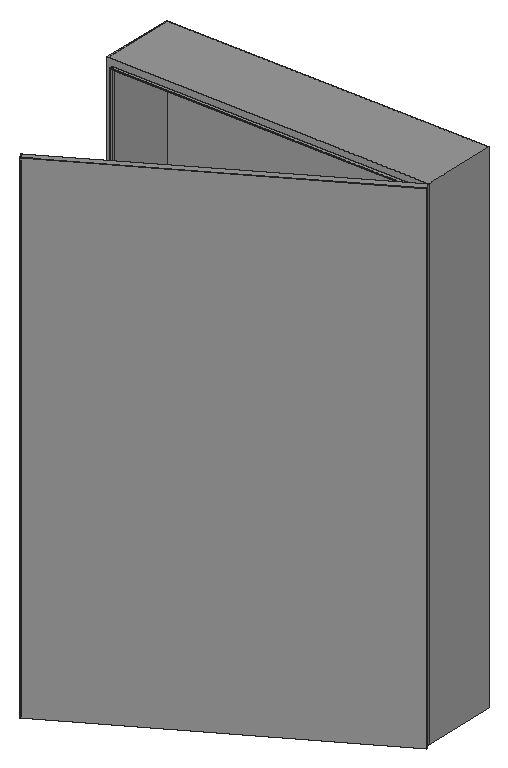
Revit family "Hager-Univers-IP44-D205-H1250-Cl.II-Encl-NoHosted-PT-pt", category Electrical Equipment, Revit 2020
Family settings
  Panel Configuration = Two Columns, Circuits Across
  Round Connector Dimension = Use Diameter
  Part Type = Panelboard
  Work Plane-Based = Yes
  Always vertical = Yes
  Cut with Voids When Loaded = No
  Shared = No
  Room Calculation Point = No
Parameters (values of type "Montagem em superfície (gesso) IP44 L800 A1250 P205  - FP83SN2")
  Width Control [instance] = if([EF000008 - Largura] > Min Width, [EF000008 - Largura], Min Width)  # 800 mm
  Type Comments = [HG000003 - Gama]  # "Univers"
  Thickness Door [instance] = if([EF009171 - Espessura do material da porta/tampa] > 3 mm, 3 mm, [EF009171 - Espessura do material da porta/tampa])  # 1 mm
  Seal Frame Offset [instance] = 17 mm  # constant formula
  Plinth Visibility [instance] = [HG000027 - Altura da Plinta] > 0 mm  # no
  Min Width [instance] = 100 mm  # constant formula
  Min Depth [instance] = (2 * [EF009170 - Espessura do material do invólucro]) + 1 mm  # 3 mm
  Min Height [instance] = 100 mm  # constant formula
  Internal Frame Depth [instance] = (Door System Depth * 0.5)  # 9 mm
  Panel Name [instance] = ""  # (empty or 0)
  Model = ""
  HG000027 - Altura da Plinta = 0 mm
  HG000026 - Instalação no chão = no
  HG000024 - Altura da secção inferior = 600 mm
  HG000023 - Recinto de secção dupla = no
  HG000016 - Visibilidade da porta 3D [instance] = yes
  HG000015 - Visibilidade através da porta [instance] = no
  HG000014 - Porta à direita [instance] = yes
  HG000013 - Porta à esquerda [instance] = not([HG000014 - Porta à direita])  # no
  HG000012 - Ângulo de abertura de porta [instance] = 30.00°
  HG000010 - Portas assimétricas = no
  HG000009 - Porta dupla = no
  HG000006 - Encastrado = no
  HG000004 - Referência do Fabricante = "FP83SN2"
  HG000003 - Gama = "Univers"
  HG000002 - Com porta ou tampa = yes
  Frame Offset Bottom [instance] = 10 mm  # constant formula
  Frame Offset [instance] = 15 mm  # constant formula
  EF015940 - Tampa com libertação de sobrepressão = no
  EF011959 - Grau de proteção (NEMA) = ""
  EF009554 - Número de aberturas para placas de flange = 6
  EF009212 - Tipo de tampa = "EV000116 - Fechado"
  EF009171 - Espessura do material da porta/tampa = 1 mm
  EF009170 - Espessura do material do invólucro = 1 mm
  EF008873 - Corrente nominal (In) = 250 A
  EF007800 - Adequado para proteção contra raios = no
  EF006306 - Com fecho = no
  EF006244 - Tampa/porta transparente = no
  EF005474 - Grau de proteção (IP) = "EV006418 - IP44"
  EF004464 - Tipo de porta = "EV002646 - Único"
  EF004427 - Número de módulos = 288
  EF004293 - Força de impacto = "EV006815 - IK09"
  EF003532 - Adequado para uso no exterior = no
  EF002950 - Largura em número de módulos = 36
  EF001613 - Integridade do circuito = "EV000494 - Nenhum"
  EF001596 - Material do corpo = "EV000179 - Aço"
  EF001131 - Profundidade interior = 130 mm
  EF001088 - Extensão possível = yes
  EF000437 - Número de entradas de condutores = 6
  EF000339 - Tipo de difusor = "EV004216 - Porta"
  EF000266 - Número de linhas = 8
  EF000218 - Profundidade incorporada = 205 mm
  EF000118 - Com tampa de montagem = no
  EF000116 - Número RAL = "9010"
  EF000049 - Profundidade = 205 mm
  EF000040 - Altura = 1250 mm
  EF000008 - Largura = 800 mm
  EF000007 - Cor = "EV000202 - Branco"
  EF000003 - Método de montagem = "EV000384 - Montagem em superfície (gesso)"
  Door System Leaf Tolerance [instance] = 1.5 mm  # constant formula
  Door System Depth [instance] = 18 mm  # constant formula
  Door Height [instance] = Height Control - [HG000027 - Altura da Plinta]  # 1250 mm
  Description = ""
  Default Elevation = 1219.2 mm
  Connector Offset [instance] = Height Control / 2  # 625 mm
  Manufacturer = "Hager"  # constant formula
  Height Control [instance] = if([EF000040 - Altura] > Min Height, [EF000040 - Altura], Min Height)  # 1250 mm
  Depth Control [instance] = if([EF000049 - Profundidade] > Min Depth, [EF000049 - Profundidade], Min Depth)  # 205 mm
  Bottom Top Plate Trim [instance] = 1.5 mm  # constant formula
  Plinth height Ctrl [instance] = if([HG000027 - Altura da Plinta] > 0 mm, [HG000027 - Altura da Plinta], 12 mm)  # 12 mm
Types (5, lengths in mm): name | Width Control | HG000010 - Portas assimétricas | HG000009 - Porta dupla | HG000004 - Referência do Fabricante | EF009554 - Número de aberturas para placas de flange | EF004464 - Tipo de porta | EF004427 - Número de módulos | EF002950 - Largura em número de módulos | EF001131 - Profundidade interior | EF000437 - Número de entradas de condutores | EF000339 - Tipo de difusor | EF000008 - Largura
  Montagem em superfície (gesso) IP44 L1050 A1250 P205  - FP84SN2 | 1050 | no | yes | "FP84SN2" | 8 | "EV003602 - Duplo" | 384 | 48 | 130 | 8 | "EV004216 - Porta" | 1050
  Montagem em superfície (gesso) IP44 L1300 A1250 P205  - FP85SN2 | 1300 | yes | yes | "FP85SN2" | 10 | "EV003602 - Duplo" | 480 | 60 | 130 | 10 | "EV004216 - Porta" | 1300
  Montagem em superfície (gesso) IP44 L300 A1250 P205  - FP81SN2 | 300 | no | no | "FP81SN2" | 2 | "EV002646 - Único" | 96 | 12 | 143 | 2 | "EV001012 - Tampa" | 300
  Montagem em superfície (gesso) IP44 L550 A1250 P205  - FP82SN2 | 550 | no | no | "FP82SN2" | 4 | "EV002646 - Único" | 192 | 24 | 143 | 4 | "EV001012 - Tampa" | 550
  Montagem em superfície (gesso) IP44 L800 A1250 P205  - FP83SN2 | 800 | no | no | "FP83SN2" | 6 | "EV002646 - Único" | 288 | 36 | 130 | 6 | "EV004216 - Porta" | 800
Reference planes
  plane 1 "Center (Front/Back)": y = 0
  plane 2: z = 0
  plane 3 "Center (Left/Right)": x = 0
  plane 4: y = 0
  plane 5: y = 0
  plane 6: z = 0
  plane 7: x = -400
  plane 8: x = 400
  plane 9: x = 399
  plane 10: x = -399
  plane 11: z = 0
  plane 12: z = 1
  plane 13: y = -205
  plane 14: y = -1
  plane 15: x = 0
  plane 16: y = -187
  plane 17: y = -204
  plane 18: y = -186
  plane 19: x = -384
  plane 20: x = 384
  plane 21: z = 11
  plane 22: x = -383
  plane 23: x = 383
  plane 24: z = 0
  plane 25: z = 1250
  plane 26: z = 1250
  plane 27: z = 1234
  plane 28: z = 1249
Forms (mm)
  Extrusion 1, solid, material "Hager_Steel_RAL7035_Light_Grey", detail levels medium+fine
    sketch origin (-208.679, -4572, 0) x (-1, 0, 0) y (0, -1, 0)
      loop
        line (191.321, -4385) -> (-608.679, -4385) -> (-608.679, -4572) -> (191.321, -4572) -> (191.321, -4385)
    from 0 to 1250
  Extrusion 2, void
    sketch origin (-350.771, -205, 1219.2) x (1, 0, 0) y (0, 0, 1)
      loop
        line (-48.229, 29.8) -> (-48.229, -1218.2) -> (749.771, -1218.2) -> (749.771, 29.8) -> (-48.229, 29.8)
    from -19 to -204
  Extrusion 3, void
    sketch origin (-290.084, -187, 1219.2) x (1, 0, 0) y (0, 0, 1)
      loop
        line (-93.916, -1208.2) -> (674.084, -1208.2) -> (674.084, 14.8) -> (-93.916, 14.8) -> (-93.916, -1208.2)
    from 0 to -1
  Extrusion 4, solid, material "Hager_Steel_RAL7035_Light_Grey", visible <- "Plinth Visibility", detail levels medium+fine
    sketch origin (0, 0, 0) x (1, 0, 0) y (0, 1, 0)
      loop
        line (-400, 0) -> (-400, -187) -> (400, -187) -> (400, 0) -> (-400, 0)
    from 0 to 12 <- "Plinth height Ctrl"
  Extrusion 5, solid, material "Hager_Steel_RAL7035_Light_Grey", detail levels coarse
    sketch origin (0, 0, 0) x (1, 0, 0) y (0, 1, 0)
      loop
        line (-400, 0) -> (-400, -205) -> (400, -205) -> (400, 0) -> (-400, 0)
    from 0 to 1250 <- "Height Control"
  Sweep 6, void
    path in 3D
      loop
        line (-400, -187, 12) -> (400, -187, 12) -> (400, 0, 12) -> (-400, 0, 12) -> (-400, -187, 12)
    profile origin (-400, -93.5, 12) x (1, 0, 0) y (0, 0, 1)
      loop
        line (0, 0) -> (0, -1.5) -> (1.5, -1.5)
        arc (1.5, -1.5) -> (1.061, -0.439) -> (0, 0) r 1.5
  Extrusion 7, solid, material "Hager_Steel_RAL7035_Light_Grey", detail levels fine
    sketch origin (-400, -187, 0) x (1, 0, 0) y (0, 0, 1)
      loop
        line (16, 11) -> (784, 11) -> (784, 1234) -> (16, 1234) -> (16, 11)
      loop
        line (15, 10) -> (785, 10) -> (785, 1235) -> (15, 1235) -> (15, 10)
    from 0 to 9 <- "Internal Frame Depth"
Cuts and joins
  Extrusion 2, Extrusion 3 cuts Extrusion 1
  Sweep 6 cuts Extrusion 4
Lines and regions (mm)
  Masking region 1
    outline origin (0, 0, 0) x (1, 0, 0) y (0, 1, 0)
      loop
        line (-400, 0) -> (-400, -205) -> (400, -205) -> (400, 0) -> (-400, 0)
  Masking region 2, detail levels coarse
    outline origin (-290.084, -187, 1219.2) x (-1, 0, 0) y (0, 0, 1)
      loop
        line (-690.084, -1219.2) -> (109.916, -1219.2) -> (109.916, 30.8) -> (-690.084, 30.8) -> (-690.084, -1219.2)
  Masking region 3, detail levels coarse
    outline origin (0, 0, 0) x (0, 1, 0) y (0, 0, 1)
      loop
        line (0, 0) -> (0, 1250) -> (-205, 1250) -> (-205, 0) -> (0, 0)
  Masking region 4, visible <- "Plinth Visibility", detail levels medium+fine
    outline origin (0, 0, 0) x (0, 1, 0) y (0, 0, 1)
      loop
        line (-1.5, 12) -> (-185.5, 12)
        arc (-185.5, 12) -> (-185.939, 10.939) -> (-187, 10.5) r 1.5
        line (-187, 10.5) -> (-187, 0) -> (0, 0) -> (0, 10.5)
        arc (0, 10.5) -> (-1.061, 10.939) -> (-1.5, 12) r 1.5
  Masking region 5, detail levels medium+fine
    outline origin (0, 0, 594.038) x (0, 1, 0) y (0, 0, 1)
      loop
        line (0, -594.038) -> (0, 655.962) -> (-187, 655.962) -> (-187, -594.038) -> (0, -594.038)
  Masking region 6, detail levels medium+fine
    outline origin (-359.7, -187, 1211.883) x (-1, 0, 0) y (0, 0, 1)
      loop
        line (-759.7, -1211.883) -> (40.3, -1211.883) -> (40.3, 38.117) -> (-759.7, 38.117) -> (-759.7, -1211.883)
  Masking region 7, visible <- "Plinth Visibility", detail levels medium+fine
    outline origin (-320.334, -187, 1041.368) x (-1, 0, 0) y (0, 0, 1)
      loop
        line (-720.334, -1041.368) -> (79.666, -1041.368) -> (79.666, -1030.868)
        arc (79.666, -1030.868) -> (78.606, -1030.429) -> (78.166, -1029.368) r 1.5
        line (78.166, -1029.368) -> (-718.834, -1029.368)
        arc (-718.834, -1029.368) -> (-719.273, -1030.429) -> (-720.334, -1030.868) r 1.5
        line (-720.334, -1030.868) -> (-720.334, -1041.368)
  sketch lines
    curve 1: line (-400, 0, 12) -> (-400, -187, 12)
    curve 2: line (-400, -187, 12) -> (400, -187, 12)
    curve 3: line (400, 0, 12) -> (-400, 0, 12)
    curve 4: line (400, -187, 12) -> (400, 0, 12)
Dimensions and locks
  locked: plane 1 "Center (Front/Back)" to plane 5
  "EF009170 - Espessura do material do invólucro": plane 7 to plane 10
  "EF009170 - Espessura do material do invólucro": plane 8 to plane 9
  equal spacing: plane 7, plane 3 "Center (Left/Right)", plane 8
  "Width Control": plane 7 to plane 8
  "Depth Control": plane 4 to plane 13
  "EF009170 - Espessura do material do invólucro": plane 4 to plane 14
  "Height Control": plane 25 to level
  "HG000027 - Altura da Plinta": plane 11 to level
  "EF009170 - Espessura do material do invólucro": plane 12 to plane 11
  "EF009170 - Espessura do material do invólucro": plane 17 to plane 13
  "EF009170 - Espessura do material do invólucro": plane 18 to plane 16
  "Frame Offset Bottom": plane 21 to plane 12
  "Frame Offset": plane 10 to plane 19
  "Frame Offset": plane 9 to plane 20
  "Door System Depth": plane 16 to plane 13
  "Seal Frame Offset": plane 7 to plane 22
  "Seal Frame Offset": plane 8 to plane 23
  "EF009170 - Espessura do material do invólucro": plane 26 to plane 28
  "Frame Offset": plane 28 to plane 27
  "Connector Offset": plane 2 to connector elem
  "Bottom Top Plate Trim": profile plane to Sweep 6 sketch curve
  "Bottom Top Plate Trim": Sweep 6 sketch curve to Sweep 6 sketch curve
  "Plinth height Ctrl": Masking region 4 sketch curve to level
  "Plinth height Ctrl": Masking region 7 sketch curve to level
  "Thickness Door": Extrusion 7 sketch curve to Extrusion 7 sketch curve  (x4)
  "Bottom Top Plate Trim": radius of Sweep 6 sketch curve
  "Bottom Top Plate Trim": radius of Masking region 4 sketch curve  (x2)
  "Bottom Top Plate Trim": radius of Masking region 7 sketch curve  (x2)
  aligned and locked: Extrusion 2 sketch curve to plane 12
  aligned and locked: Extrusion 2 sketch curve to plane 9
  aligned and locked: Extrusion 2 sketch curve to plane 10
  aligned and locked: Extrusion 2 to plane 14
  aligned and locked: Extrusion 1 sketch curve to plane 4
  aligned and locked: plane 8 to Extrusion 1 sketch curve
  aligned and locked: plane 7 to Extrusion 1 sketch curve
  aligned and locked: Extrusion 2 to plane 18
  aligned and locked: Extrusion 3 sketch curve to plane 19
  aligned and locked: plane 20 to Extrusion 3 sketch curve
  aligned and locked: Extrusion 3 to Extrusion 2
  aligned and locked: Extrusion 3 sketch curve to plane 21
  aligned and locked: plane 3 "Center (Left/Right)" to nested 1
  aligned and locked: Extrusion 1 sketch curve to plane 16
  aligned and locked: Extrusion 4 sketch curve to cut or joined group of Extrusion 1, Extrusion 2, Extrusion 3
  aligned and locked: Masking region 1 sketch curve to plane 7
  aligned and locked: Masking region 1 sketch curve to plane 5
  aligned and locked: Masking region 1 sketch curve to plane 8
  aligned and locked: Masking region 2 sketch curve to level
  aligned and locked: level to Masking region 3 sketch curve
  aligned and locked: plane 1 "Center (Front/Back)" to Masking region 3 sketch curve
  aligned and locked: plane 13 to Masking region 3 sketch curve
  aligned and locked: plane 5 to Masking region 4 sketch curve
  aligned and locked: Masking region 2 sketch curve to plane 8
  aligned and locked: Masking region 2 sketch curve to plane 7
  aligned and locked: plane 7 to nested 2
  aligned and locked: nested 2 to plane 5
  aligned and locked: plane 5 to Masking region 5 sketch curve
  aligned and locked: plane 26 to Masking region 5 sketch curve
  aligned and locked: Extrusion 5 sketch curve to plane 8
  aligned and locked: Extrusion 5 sketch curve to plane 7
  aligned and locked: Extrusion 5 sketch curve to plane 5
  aligned and locked: Extrusion 3 sketch curve to plane 27
  aligned and locked: Extrusion 2 sketch curve to plane 28
  aligned and locked: Masking region 2 to plane 25
  aligned and locked: Extrusion 4 to plane 16
  aligned and locked: profile plane to Sweep 6 sketch curve
  aligned and locked: Masking region 5 sketch curve to plane 24
  aligned and locked: level to Masking region 4 sketch curve
  aligned and locked: Masking region 1 to plane 13
  aligned and locked: nested 1 to plane 16
  aligned and locked: Masking region 3 to plane 25
  aligned and locked: plane 16 to Masking region 4 sketch curve
  aligned and locked: Masking region 5 sketch curve to plane 16
  aligned and locked: plane 24 to plane 11
  aligned and locked: plane 26 to plane 25
  aligned and locked: plane 26 to cut or joined group of Extrusion 1, Extrusion 2, Extrusion 3
  aligned and locked: nested 1 to plane 24
  aligned and locked: Extrusion 1 to Extrusion 3
  aligned and locked: Masking region 6 sketch curve to plane 8
  aligned and locked: Masking region 6 sketch curve to plane 24
  aligned and locked: Masking region 6 sketch curve to plane 7
  aligned and locked: Masking region 6 sketch curve to plane 26
  aligned and locked: Masking region 7 sketch curve to plane 7
  aligned and locked: level to Masking region 7 sketch curve
  aligned and locked: Masking region 7 sketch curve to plane 8
  aligned and locked: Extrusion 7 sketch curve to cut or joined group of Extrusion 1, Extrusion 2, Extrusion 3  (x4)
Automatic sketch dimensions
  plane 19 to Extrusion 3 sketch curve = 0 mm
  Extrusion 3 sketch curve to plane 20 = 0 mm
  Extrusion 3 sketch curve to plane 21 = 0 mm
  Extrusion 4 sketch curve to plane 7 = 0 mm
  Extrusion 4 sketch curve to plane 8 = 0 mm
  Extrusion 4 sketch curve to plane 16 = 0 mm
  Masking region 1 sketch curve to plane 13 = 0 mm
  Masking region 2 sketch curve to plane 25 = 0 mm
  Masking region 3 sketch curve to plane 25 = 0 mm
  Extrusion 5 sketch curve to plane 13 = 0 mm
  profile plane to Sweep 6 sketch curve = 0 mm
Nested families
  nested 1: "EC000058_Univers_Door" at (0, -187, 0), Double <- "HG000009 - Porta dupla", Transparent <- "EF006244 - Tampa/porta transparente", Angle <- "HG000012 - Ângulo de abertura de porta", Door_Right <- "HG000014 - Porta à direita", Assymetrical <- "HG000010 - Portas assimétricas", Door <- "HG000002 - Com porta ou tampa", Width_Ctrl <- "Width Control", 3d_Door <- "HG000016 - Visibilidade da porta 3D", Clearance <- "HG000015 - Visibilidade através da porta", Door_Left <- "HG000013 - Porta à esquerda", Width <- "Width Control", Door_Depth <- "Door System Depth", Leaf_Tolerance <- "Door System Leaf Tolerance", Height <- "Door Height", Lock_Visibility <- "EF006306 - Com fecho", Thickness <- "Thickness Door", type "EC000058_Univers_Door", detail levels medium+fine
    with min_wh 3 mm, Width_Ctrl 800 mm, Width 800 mm, Transparent no, Thickness 1 mm, Seal_Material Hager_Rubber, Lock_Visibility no, Lock_Material Hager_Plastic_RAL9005_Jet_Black, Leaf_Width 800 mm, Leaf_Tolerance_External_Sides 0 mm, Leaf_Tolerance 1.5 mm, Leaf_Offset 0 mm, Leaf_Height 1247 mm, Leaf_2_Width 800 mm, Leaf_2_Offset 400 mm, Leaf_1_Width 800 mm, Leaf_1_Offset 400 mm, Height_Ctrl 1250 mm, Height 1250 mm, Glass_Material Hager_Glass, Double_Clearance_Ctrl no, Double no, Door_Right_Ctrl yes, Door_Right yes, Door_Material Hager_Steel_RAL7035_Light_Grey, Door_Left_Ctrl no, Door_Left no, Door_Depth 18 mm, Door yes, Clearance_Material Hager_Clearance, Clearance_Depth 800 mm, Clearance_Ctrl no, Clearance no, Assymetrical no, Angle 30.00°, 3d_Door yes
  nested 2: "Hager_Enclosure_Symbol" at (-400, 0, 0), Height <- "Depth Control", Width <- "Width Control", type "Hager_Enclosure_Symbol"
    with Width_Ctrl 800 mm, Width 800 mm, Height_Ctrl 205 mm, Height 205 mm, A_Width_Int 13.453 mm, A_Width 161.438 mm, A_Height_Ctrl 179.375 mm, A_Height 179.375 mm
Connectors
  electrical at (0, 0, 625)
    settings: on plane 1 "Center (Front/Back)", index 1, voltage 0 V, apparent load 0 VA, apparent load phase1 0 VA, apparent load phase2 0 VA, apparent load phase3 0 VA, power factor 1, load classification "Other", number of poles 1, system type 30, power factor state 1, is connector primary yes, connector utility no, sub classification motor no, connector description ""
Definition of nested family "EC000058_Univers_Door"
  Parameters (values of type "EC000058_Univers_Door")
    min_wh [instance] = (2 * Thickness) + 1 mm  # 11 mm
    Width_Ctrl [instance] = 400 mm
    Width [instance] = 500 mm
    Transparent [instance] = yes
    Thickness [instance] = 5 mm
    Seal_Material [instance] = none
    Lock_Visibility [instance] = yes
    Lock_Material [instance] = none
    Leaf_Width [instance] = if((Width_Ctrl - 2 * Leaf_Tolerance_External_Sides) > 0 mm, (Width_Ctrl - 2 * Leaf_Tolerance_External_Sides), min_wh)  # 400 mm
    Leaf_Tolerance_External_Sides [instance] = 0 mm  # constant formula
    Leaf_Tolerance [instance] = 1.5 mm
    Leaf_Offset [instance] = 0 mm  # constant formula
    Leaf_Height [instance] = if((Height_Ctrl - 2 * Leaf_Tolerance) > 0 mm, (Height_Ctrl - 2 * Leaf_Tolerance), min_wh)  # 497 mm
    Leaf_2_Width [instance] = if(and(and(Double, Assymetrical), Door_Left), (Leaf_Width / 3) - (Leaf_Tolerance / 2), if(and(and(Double, Assymetrical), Door_Right), (Leaf_Width / 3) * 2 - (Leaf_Tolerance / 2), if(and(Double, not(Assymetrical)), (Leaf_Width / 2) - Leaf_Tolerance, Leaf_Width)))  # 400 mm
    Leaf_2_Offset [instance] = if(and(Double, Assymetrical), Leaf_2_Width / 2, if(and(Double, not(Assymetrical)), Leaf_Width / 4, Leaf_Width / 2))  # 200 mm
    Leaf_1_Width [instance] = if(and(and(Double, Assymetrical), Door_Right), (Leaf_Width / 3) - (Leaf_Tolerance / 2), if(and(and(Double, Assymetrical), Door_Left), (Width / 3) * 2 - (Leaf_Tolerance / 2), if(and(Double, not(Assymetrical)), (Leaf_Width / 2) - Leaf_Tolerance, Leaf_Width)))  # 400 mm
    Leaf_1_Offset [instance] = if(and(Double, Assymetrical), Leaf_1_Width / 2, if(and(Double, not(Assymetrical)), Leaf_Width / 4, Leaf_Width / 2))  # 200 mm
    Height_Ctrl [instance] = if(Height > min_wh, Height, min_wh)  # 500 mm
    Height [instance] = 500 mm
    Glass_Material [instance] = none
    Double_Clearance_Ctrl [instance] = and(Double, Clearance)  # no
    Double [instance] = no
    Door_Right_Ctrl [instance] = and(or(Door_Right, Double), Door)  # yes
    Door_Right [instance] = yes
    Door_Material [instance] = none
    Door_Left_Ctrl [instance] = and(or(Door_Left, Double), Door)  # no
    Door_Left [instance] = no
    Door_Depth [instance] = 30 mm
    Door [instance] = yes
    Default Elevation = 1219.2 mm
    Clearance_Material [instance] = none
    Clearance_Depth [instance] = if(Leaf_1_Width > Leaf_2_Width, Leaf_1_Width, Leaf_2_Width)  # 400 mm
    Clearance_Ctrl [instance] = and(not(Double), Clearance)  # yes
    Clearance [instance] = yes
    Assymetrical [instance] = yes
    Angle [instance] = 30.00°
    3d_Door [instance] = yes
  Reference planes
    plane 1 "Center (Front/Back)": y = 0
    plane 2 "Bottom": z = 0
    plane 3 "Center (Left/Right)": x = 0
    plane 4: z = 500
    plane 5: x = -200
    plane 6: x = 200
    plane 7: z = 500
    plane 8: x = -200
    plane 9: z = 0
    plane 10: x = 200
    plane 11: y = 0
    plane 12: z = 1.5
    plane 13: x = -600
    plane 14: y = -400
    plane 15: x = 600
    plane 16: x = 0
    plane 17: x = 0
    plane 18: x = -200
    plane 19: x = 200
    plane 20: z = 498.5
  Forms (mm)
    Extrusion 1, solid, material <- "Clearance_Material", visible <- "Double_Clearance_Ctrl"
      sketch origin (1200, 0, 0) x (1, 0, 0) y (0, 0, -1)
        loop
          line (-1800, -498.5) -> (-600, -498.5) -> (-600, 0) -> (-1800, 0) -> (-1800, -498.5)
      from 0 to -400
  Dimensions and locks
    equal spacing: plane 5, plane 3 "Center (Left/Right)", plane 6
    "Width_Ctrl": plane 5 to plane 6
    "Leaf_Offset": plane 5 to plane 8
    "Leaf_Offset": plane 6 to plane 10
    "Leaf_Offset": plane 9 to level
    "Leaf_Offset": plane 4 to plane 7
    "Height_Ctrl": plane 4 to level
    "Leaf_Tolerance": plane 12 to plane 9
    locked: plane 11 to plane 1 "Center (Front/Back)"
    "Leaf_1_Offset": plane 18 to plane 16
    "Leaf_2_Offset": plane 17 to plane 19
    "Leaf_1_Width": plane 13 to plane 8
    "Leaf_2_Width": plane 10 to plane 15
    "Clearance_Depth": plane 14 to plane 1 "Center (Front/Back)"
    "Leaf_Tolerance_External_Sides": plane 8 to plane 18
    "Leaf_Tolerance_External_Sides": plane 19 to plane 10
    "Leaf_Tolerance": plane 7 to plane 20
    aligned and locked: level to plane 2 "Bottom"
    aligned and locked: nested 1 to plane 16
    aligned and locked: nested 2 to plane 17
    aligned and locked: Extrusion 1 to plane 13
    aligned and locked: plane 15 to Extrusion 1
    aligned and locked: Extrusion 1 to plane 14
    aligned and locked: plane 12 to nested 1
    aligned and locked: nested 2 to plane 12
    aligned and locked: Extrusion 1 to plane 11
    aligned and locked: plane 20 to Extrusion 1
    aligned and locked: nested 2 to plane 11
    aligned and locked: nested 1 to plane 11
  Automatic sketch dimensions
    Extrusion 1 sketch curve to level = 0 mm
    plane 5 to Extrusion 1 sketch curve = 400 mm
    plane 6 to Extrusion 1 sketch curve = 400 mm
    Extrusion 1 sketch curve to plane 4 = 1.5 mm
  Nested families
    nested 1: "EC000058_Univers_Door_Leaf" at (0, 0, 1.5), Width <- "Leaf_1_Width", visible <- "Door_Left_Ctrl", Leaf_Height <- "Leaf_Height", Angle <- "Angle", 3d_Door <- "3d_Door", Transparent <- "Transparent", Clearance Material <- "Clearance_Material", Clearance <- "Clearance_Ctrl", Door_Material <- "Door_Material", Glass_Material <- "Glass_Material", Door_Depth <- "Door_Depth", Lock_Material <- "Lock_Material", Seal_Material <- "Seal_Material", Lock_Visibility <- "Lock_Visibility", Thickness <- "Thickness", type "EC000058_Univers_Door_Leaf"
      with Width 400 mm, Transparent_Glass_Offset 30 mm, Transparent_Ctrl yes, Transparent yes, Thickness 5 mm, Standard no, Seal_Material none, Seal_D2 8 mm, Seal_D1 1 mm, Offset_Internal_Frame 10 mm, Lock_Width 20 mm, Lock_Visibility_3d yes, Lock_Visibility yes, Lock_Thickness_3 3 mm, Lock_Thickness_2 1 mm, Lock_Thickness_1 3 mm, Lock_Radius_Offset_2 16 mm, Lock_Radius_Offset_1 15 mm, Lock_Radius_2 5 mm, Lock_Radius 6 mm, Lock_Offset 5 mm, Lock_Material none, Lock_Height 80 mm, Lock_Cover_Top_Offset_2d 17 mm, Lock_Cover_Height -65 mm, Leaf_Height 497 mm, Internal_Seal_Thickness 8 mm, Internal_Seal_Depth_2 4.5 mm, Internal_Frame_Depth 25 mm, Glass_Thickness -1 mm, Glass_Offset -2 mm, Glass_Material none, Door_Material none, Door_Depth 30 mm, Clearance Material none, Clearance yes, Angle_Ctrl 30.00°, Angle 30.00°, 3d_Door yes
    nested 2: "EC000058_Univers_Door_Leaf" at (0, 0, 1.5) x (-1, 0, 0) z (0, 0, 1), Width <- "Leaf_2_Width", visible <- "Door_Right_Ctrl", Leaf_Height <- "Leaf_Height", Angle <- "Angle", 3d_Door <- "3d_Door", Transparent <- "Transparent", Clearance Material <- "Clearance_Material", Clearance <- "Clearance_Ctrl", Door_Material <- "Door_Material", Glass_Material <- "Glass_Material", Door_Depth <- "Door_Depth", Lock_Material <- "Lock_Material", Seal_Material <- "Seal_Material", Lock_Visibility <- "Lock_Visibility", Thickness <- "Thickness", type "EC000058_Univers_Door_Leaf"
      with Width 400 mm, Transparent_Glass_Offset 30 mm, Transparent_Ctrl yes, Transparent yes, Thickness 5 mm, Standard no, Seal_Material none, Seal_D2 8 mm, Seal_D1 1 mm, Offset_Internal_Frame 10 mm, Lock_Width 20 mm, Lock_Visibility_3d yes, Lock_Visibility yes, Lock_Thickness_3 3 mm, Lock_Thickness_2 1 mm, Lock_Thickness_1 3 mm, Lock_Radius_Offset_2 16 mm, Lock_Radius_Offset_1 15 mm, Lock_Radius_2 5 mm, Lock_Radius 6 mm, Lock_Offset 5 mm, Lock_Material none, Lock_Height 80 mm, Lock_Cover_Top_Offset_2d 17 mm, Lock_Cover_Height -65 mm, Leaf_Height 497 mm, Internal_Seal_Thickness 8 mm, Internal_Seal_Depth_2 4.5 mm, Internal_Frame_Depth 25 mm, Glass_Thickness -1 mm, Glass_Offset -2 mm, Glass_Material none, Door_Material none, Door_Depth 30 mm, Clearance Material none, Clearance yes, Angle_Ctrl 30.00°, Angle 30.00°, 3d_Door yes
  Definition of nested family "EC000058_Univers_Door_Leaf"
    Parameters (values of type "EC000058_Univers_Door_Leaf")
      Width [instance] = 2000 mm
      Transparent_Glass_Offset [instance] = 30 mm
      Transparent_Ctrl [instance] = and(Transparent, [3d_Door])  # yes
      Transparent [instance] = yes
      Thickness [instance] = 5 mm
      Standard [instance] = and(not(Transparent), [3d_Door])  # no
      Seal_Material [instance] = none
      Seal_D2 [instance] = 8 mm  # constant formula
      Seal_D1 [instance] = 1 mm  # constant formula
      Offset_Internal_Frame [instance] = 10 mm  # constant formula
      Lock_Width [instance] = 20 mm  # constant formula
      Lock_Visibility_3d [instance] = and(Lock_Visibility, [3d_Door])  # yes
      Lock_Visibility [instance] = yes
      Lock_Thickness_3 [instance] = 3 mm  # constant formula
      Lock_Thickness_2 [instance] = 1 mm  # constant formula
      Lock_Thickness_1 [instance] = 3 mm  # constant formula
      Lock_Radius_Offset_2 [instance] = Lock_Radius_Offset_1 + 1 mm  # 16 mm
      Lock_Radius_Offset_1 [instance] = 15 mm  # constant formula
      Lock_Radius_2 [instance] = Lock_Radius - 1 mm  # 5 mm
      Lock_Radius [instance] = 6 mm  # constant formula
      Lock_Offset [instance] = 5 mm  # constant formula
      Lock_Material [instance] = none
      Lock_Height [instance] = 80 mm  # constant formula
      Lock_Cover_Top_Offset_2d [instance] = Lock_Radius_Offset_2 + 1 mm  # 17 mm
      Lock_Cover_Height [instance] = -(Lock_Height - Lock_Radius_Offset_1)  # -65 mm
      Leaf_Height [instance] = 2720.336 mm
      Internal_Seal_Thickness [instance] = 8 mm  # constant formula
      Internal_Seal_Depth_2 [instance] = 4.5 mm  # constant formula
      Internal_Frame_Depth [instance] = if(Door_Depth - Thickness > 5 mm, Door_Depth - Thickness, 5 mm)  # 25 mm
      Glass_Thickness [instance] = if(Thickness > 15 mm, Glass_Offset + 10 mm, -1 mm)  # -1 mm
      Glass_Offset [instance] = if(Thickness > 15 mm, -(Thickness + 10 mm) / 2, -2 mm)  # -2 mm
      Glass_Material [instance] = none
      Door_Material [instance] = none
      Door_Depth [instance] = 30 mm
      Default Elevation = 0 mm
      Clearance Material [instance] = none
      Clearance [instance] = yes
      Angle_Ctrl [instance] = if(Angle > 180.00°, 180.00°, Angle)  # 90.00°
      Angle [instance] = 90.00°
      3d_Door [instance] = yes
    Reference planes
      plane 1 "Center (Front/Back)": y = 0
      plane 2: z = 0
      plane 3 "Center (Left/Right)": x = 0
      plane 4: y = 2000
      plane 5: x = -1000
      plane 6: x = 1000
      plane 7: x = -3000
      plane 8: z = 2720.336
      plane 9: z = 30
      plane 10: z = 2690.336
      plane 11: x = 970
      plane 12: x = -970
      plane 13: y = -3
      plane 14: z = 107.833
      plane 15: y = -5
      plane 16: y = -223.314
      plane 17: x = -1000
      plane 18: z = 1360.168
      plane 19: y = 30
    Forms (mm)
      Extrusion 1, solid, material <- "Clearance Material", visible <- "Clearance"
        sketch origin (0, 0, 0) x (1, 0, 0) y (0, 0, 1)
          loop
            line (-3000, 2720.336) -> (-3000, 0) -> (1000, 0) -> (1000, 2720.336) -> (-3000, 2720.336)
        from 0 to -2000
      Extrusion 2, solid, material <- "Door_Material", visible <- "Standard", detail levels medium+fine
        sketch origin (-1000, 0, 0) x (0, 1, 0) y (-1, 0, 0)
          loop
            line (0, 30) -> (0, 25) -> (2000, 25) -> (2000, 30) -> (0, 30)
        from 0 to 2720.336 <- "Leaf_Height"
      Extrusion 3, solid, material <- "Door_Material", visible <- "Transparent_Ctrl", detail levels medium+fine
        sketch origin (-1000, 0, 0) x (0, 1, 0) y (-1, 0, 0)
          loop
            line (0, 25) -> (2000, 25) -> (2000, 30) -> (0, 30) -> (0, 25)
        from 0 to 2720.336 <- "Leaf_Height"
      Extrusion 4, void
        sketch origin (-1025, 2000, 0) x (0, 1, 0) y (0, 0, -1)
          loop
            line (-30, -2690.336) -> (-30, -30) -> (-1970, -30) -> (-1970, -2690.336) -> (-30, -2690.336)
        from 0 to 5 <- "Thickness"
      Sweep 5, solid, material <- "Seal_Material", visible <- "Transparent_Ctrl", detail levels fine
        path in 3D
          loop
            line (-1025, 30, 30) -> (-1025, 30, 2690.336) -> (-1025, 1970, 2690.336) -> (-1025, 1970, 30) -> (-1025, 30, 30)
        profile origin (-1025, 1000, 30) x (1, 0, 0) y (0, 0, 1)
          loop
            line (0, 0) -> (0, -8) -> (1, -8) -> (1, 0) -> (0, 0)
      Extrusion 6, solid, material <- "Glass_Material", visible <- "Transparent_Ctrl", detail levels medium+fine
        sketch origin (-1030, 0, 0) x (0, 1, 0) y (0, 0, -1)
          loop
            line (1970, -2690.336) -> (1970, -30) -> (30, -30) -> (30, -2690.336) -> (1970, -2690.336)
        from -2 <- "Glass_Offset" to -1 <- "Glass_Thickness"
      Extrusion 7, solid, material <- "Door_Material", visible <- "3d_Door", detail levels medium+fine
        sketch origin (-1025, 2000, 0) x (0, -1, 0) y (0, 0, -1)
          loop
            line (0, -2720.336) -> (2000, -2720.336) -> (2000, 0) -> (0, 0) -> (0, -2720.336)
          loop
            line (1995, -5) -> (5, -5) -> (5, -2715.336) -> (1995, -2715.336) -> (1995, -5)
        from 0 to 25 <- "Internal_Frame_Depth"
      Sweep 8, solid, material <- "Seal_Material", visible <- "Transparent_Ctrl", detail levels fine
        path in 3D
          loop
            line (-1025, 0, 0) -> (-1025, 2000, 0) -> (-1025, 2000, 2720.336) -> (-1025, 0, 2720.336) -> (-1025, 0, 0)
        profile origin (-1025, 0, 1360.168) x (1, 0, 0) y (0, 1, 0)
          loop
            line (0, 10) -> (2.975, 10)
            arc (2.975, 10) -> (4.053, 10.447) -> (4.5, 11.525) r 1.525
            line (4.5, 11.525) -> (4.5, 16.527)
            arc (4.5, 16.527) -> (4.069, 17.569) -> (3.027, 18) r 1.473
            line (3.027, 18) -> (0, 18) -> (0, 10)
      Extrusion 9, solid, material <- "Lock_Material", visible <- "Lock_Visibility_3d", detail levels fine
        sketch origin (-1030, 0, 0) x (0, 1, 0) y (0, 0, -1)
          loop
            arc (1993.5, -1400.168) -> (1994.561, -1399.729) -> (1995, -1398.668) r 1.5
            line (1995, -1398.668) -> (1995, -1320.168) -> (1975, -1320.168) -> (1975, -1398.668)
            arc (1975, -1398.668) -> (1975.439, -1399.729) -> (1976.5, -1400.168) r 1.5
            line (1976.5, -1400.168) -> (1993.5, -1400.168)
        from 3 <- "Lock_Thickness_1" to 0
      Blend 10, solid, material <- "Lock_Material", visible <- "Lock_Visibility_3d", detail levels fine
        base sketch origin (-1033, 0, 0) x (0, 1, 0) y (0, 0, -1)
          loop
            line (1975, -1320.168) -> (1975, -1398.668)
            arc (1975, -1398.668) -> (1975.439, -1399.729) -> (1976.5, -1400.168) r 1.5
            line (1976.5, -1400.168) -> (1993.5, -1400.168)
            arc (1993.5, -1400.168) -> (1994.561, -1399.729) -> (1995, -1398.668) r 1.5
            line (1995, -1398.668) -> (1995, -1320.168) -> (1975, -1320.168)
        top sketch origin (-1033, 0, 0) x (0, 1, 0) y (0, 0, -1)
          loop
            line (1976, -1320.168) -> (1976, -1398.668)
            arc (1976, -1398.668) -> (1976.146, -1399.022) -> (1976.5, -1399.168) r 0.5
            line (1976.5, -1399.168) -> (1993.5, -1399.168)
            arc (1993.5, -1399.168) -> (1993.854, -1399.022) -> (1994, -1398.668) r 0.5
            line (1994, -1398.668) -> (1994, -1320.168) -> (1976, -1320.168)
        from 0 to 1 <- "Lock_Thickness_2"
      Blend 11, solid, material <- "Lock_Material", visible <- "Lock_Visibility_3d", detail levels fine
        base sketch origin (-1034, 0, 0) x (0, 1, 0) y (0, 0, -1)
          loop
            line (1978, -1320.168) -> (1978, -1384.168)
            arc (1978, -1384.168) -> (1985, -1391.168) -> (1992, -1384.168) r 7
            line (1992, -1384.168) -> (1992, -1320.168) -> (1978, -1320.168)
        top sketch origin (-1034, 0, 0) x (0, 1, 0) y (0, 0, -1)
          loop
            line (1991, -1320.168) -> (1979, -1320.168) -> (1979, -1383.168)
            arc (1979, -1383.168) -> (1985, -1389.168) -> (1991, -1383.168) r 6
            line (1991, -1383.168) -> (1991, -1320.168)
        from 0 to 3 <- "Lock_Thickness_3"
      Extrusion 12, solid, material <- "Lock_Material", visible <- "Lock_Visibility_3d", detail levels fine
        sketch origin (-1030, 1975, 1320.168) x (1, 0, 0) y (0, -1, 0)
          loop
            line (-7, -19) -> (-7, -1) -> (0, -1) -> (0, 0) -> (-8, 0) -> (-8, -20) -> (0, -20) -> (0, -19) -> (-7, -19)
        from 0 to -65 <- "Lock_Cover_Height"
      Extrusion 13, void
        sketch origin (-1038, 1995, 1320.168) x (-1, 0, 0) y (0, 0, -1)
          loop
            line (-5, -65) -> (0, -65) -> (-5, -60) -> (-5, -65)
        from 0 to 20 <- "Lock_Width"
      Extrusion 14, void
        sketch origin (-1038, 1975, 1320.168) x (0, -1, 0) y (0, 0, -1)
          loop
            circle (-10, -15.995) r 6
          loop
            circle (-10, -15.995) r 5
        from 0 to 2
      Extrusion 15, solid, material <- "Lock_Material", visible <- "Lock_Visibility_3d", detail levels medium
        sketch origin (-1030, 0, 0) x (0, 1, 0) y (0, 0, -1)
          loop
            arc (1993.5, -1400.168) -> (1994.561, -1399.729) -> (1995, -1398.668) r 1.5
            line (1995, -1398.668) -> (1995, -1320.168) -> (1975, -1320.168) -> (1975, -1398.668)
            arc (1975, -1398.668) -> (1975.439, -1399.729) -> (1976.5, -1400.168) r 1.5
            line (1976.5, -1400.168) -> (1993.5, -1400.168)
        from 8 to 0
    Cuts and joins
      Extrusion 4 cuts Extrusion 3
      Extrusion 13, Extrusion 14 cuts Extrusion 9
      Extrusion 14 cuts Blend 11
      Extrusion 13, Extrusion 14 cuts Extrusion 12
      joined: Extrusion 9, Blend 10, Blend 11, Extrusion 12
      Extrusion 14 cuts Extrusion 15
    Lines and regions (mm)
      Masking region 1, visible <- "Lock_Visibility", detail levels fine
        outline origin (0, 0, 0) x (0, 1, 0) y (0, 0, 1)
          loop
            line (30, 1320.168) -> (33, 1320.168) -> (33, 1400.168) -> (30, 1400.168) -> (30, 1320.168)
      Masking region 2, visible <- "Lock_Visibility", detail levels fine
        outline origin (0, 3.143, 0) x (0, 1, 0) y (0, 0, 1)
          loop
            line (29.857, 1354.168) -> (30.857, 1354.168) -> (30.857, 1366.168) -> (29.857, 1366.168) -> (29.857, 1354.168)
      Masking region 3, detail levels medium+fine
        outline origin (0, 0, 0) x (0, 1, 0) y (0, 0, 1)
          loop
            line (0, 0) -> (30, 0) -> (30, 2720.336) -> (0, 2720.336) -> (0, 0)
      Masking region 4, detail levels medium+fine
        outline origin (0, 0, 0) x (1, 0, 0) y (0, 0, 1)
          loop
            line (-1000, 2720.336) -> (-1000, 0) -> (1000, 0) -> (1000, 2720.336) -> (-1000, 2720.336)
      Masking region 5, visible <- "Lock_Visibility", detail levels fine
        outline origin (-47.116, 0, 0) x (1, 0, 0) y (0, 0, 1)
          loop
            arc (1024.616, 1399.168) -> (1023.556, 1398.729) -> (1023.116, 1397.668) r 1.5
            line (1023.116, 1397.668) -> (1023.116, 1320.168) -> (1041.116, 1320.168) -> (1041.116, 1397.668)
            arc (1041.116, 1397.668) -> (1040.677, 1398.729) -> (1039.616, 1399.168) r 1.5
            line (1039.616, 1399.168) -> (1024.616, 1399.168)
      Masking region 6, visible <- "Lock_Visibility", detail levels medium+fine
        outline origin (-25, 0, 0) x (1, 0, 0) y (0, 0, 1)
          loop
            arc (1001.5, 1400.168) -> (1000.439, 1399.729) -> (1000, 1398.668) r 1.5
            line (1000, 1398.668) -> (1000, 1320.168) -> (1020, 1320.168) -> (1020, 1398.668)
            arc (1020, 1398.668) -> (1019.561, 1399.729) -> (1018.5, 1400.168) r 1.5
            line (1018.5, 1400.168) -> (1001.5, 1400.168)
      Masking region 7, visible <- "Lock_Visibility", detail levels fine
        outline origin (-73.735, 0, 0) x (1, 0, 0) y (0, 0, 1)
          loop
            line (1051.735, 1382.168) -> (1065.735, 1382.168) -> (1065.735, 1384.168)
            arc (1065.735, 1384.168) -> (1058.735, 1391.168) -> (1051.735, 1384.168) r 7
            line (1051.735, 1384.168) -> (1051.735, 1382.168)
      Masking region 8, visible <- "Lock_Visibility", detail levels fine
        outline origin (-73.735, 0, 0) x (1, 0, 0) y (0, 0, 1)
          loop
            line (1052.735, 1382.168) -> (1064.735, 1382.168) -> (1064.735, 1383.168)
            arc (1064.735, 1383.168) -> (1058.735, 1389.168) -> (1052.735, 1383.168) r 6
            line (1052.735, 1383.168) -> (1052.735, 1382.168)
      Masking region 9, visible <- "Lock_Visibility", detail levels fine
        outline origin (-25, 0, 0) x (1, 0, 0) y (0, 0, 1)
          loop
            line (1020, 1320.168) -> (1020, 1382.168) -> (1000, 1382.168) -> (1000, 1320.168) -> (1020, 1320.168)
      Masking region 10, detail levels medium+fine
        outline origin (0, 0, 0) x (1, 0, 0) y (0, 0, 1)
          loop
            circle (985, 1335.144) r 6
      Masking region 11, detail levels fine
        outline origin (0, 0, 0) x (1, 0, 0) y (0, 0, 1)
          loop
            circle (985, 1335.144) r 5
      Masking region 12, visible <- "Lock_Visibility", detail levels fine
        outline origin (0, 12.767, 0) x (0, 1, 0) y (0, 0, 1)
          loop
            line (20.233, 1320.168) -> (21.233, 1320.168) -> (21.233, 1399.168) -> (20.233, 1400.168) -> (20.233, 1320.168)
      Masking region 13, visible <- "Lock_Visibility", detail levels fine
        outline origin (0, 13.767, -10) x (0, 1, 0) y (0, 0, 1)
          loop
            line (20.233, 1330.168) -> (23.233, 1330.168) -> (23.233, 1399.168) -> (20.233, 1402.168) -> (20.233, 1330.168)
      Masking region 14, visible <- "Lock_Visibility", detail levels fine
        outline origin (0, 12.767, -10) x (0, 1, 0) y (0, 0, 1)
          loop
            line (20.233, 1330.168) -> (25.233, 1330.168) -> (25.233, 1399.305) -> (20.233, 1394.305) -> (20.233, 1330.168)
      Masking region 15, visible <- "Lock_Visibility", detail levels medium
        outline origin (0, 0, 0) x (0, 1, 0) y (0, 0, 1)
          loop
            line (30, 1320.168) -> (38, 1320.168) -> (38, 1400.168) -> (30, 1400.168) -> (30, 1320.168)
      Masking region 16, visible <- "Lock_Visibility", detail levels fine
        outline origin (-1000, 0, 0) x (0, 1, 0) y (-1, 0, 0)
          loop
            line (1975, 30) -> (1995, 30) -> (1995, 38) -> (1975, 38) -> (1975, 30)
          loop
            line (1979, 37) -> (1976, 37) -> (1976, 34) -> (1978, 34) -> (1979, 37)
          loop
            line (1994, 37) -> (1991, 37) -> (1992, 34) -> (1994, 34) -> (1994, 37)
      Masking region 17, visible <- "Lock_Visibility", detail levels medium
        outline origin (-1000, 0, 0) x (0, 1, 0) y (-1, 0, 0)
          loop
            line (1975, 30) -> (1995, 30) -> (1995, 38) -> (1975, 38) -> (1975, 30)
      symbolic lines
        curve 1: line (1000, 0, 0) -> (-3000, 0, 0)
        curve 2: arc (1000, 0, 0) -> (-1000, 2000, 0) -> (-3000, 0, 0) r 2000
        curve 4: line (-1030, 0, 0) -> (-1030, 2000, 0)
      reference lines
        curve 3: line (-1000, 0, 0) -> (-1000, 2000, 0)
      symbolic lines, detail levels medium+fine
        curve 5: line (-1030, 2000, 0) -> (-1025, 2000, 0)
        curve 7: line (-1025, 0, 0) -> (-1030, 0, 0)
        curve 8: line (-1025, 0, 0) -> (-1000, 0, 0)
        curve 9: line (-1000, 0, 0) -> (-1000, 2000, 0)
        curve 10: line (-1000, 2000, 0) -> (-1025, 2000, 0)
      symbolic lines, detail levels fine
        curve 6: line (-1025, 2000, 0) -> (-1025, 0, 0)
      sketch lines
        curve 11: line (-1025, 0, 2720.336) -> (-1025, 0, 0)
        curve 12: line (-1025, 2000, 0) -> (-1025, 0, 0)
        curve 13: line (-1025, 2000, 2720.336) -> (-1025, 2000, 0)
        curve 14: line (-1025, 0, 2720.336) -> (-1025, 2000, 2720.336)
        curve 15: line (-1025, 1970, 30) -> (-1025, 30, 30)
        curve 16: line (-1025, 30, 30) -> (-1025, 30, 2690.336)
        curve 17: line (-1025, 1970, 2690.336) -> (-1025, 1970, 30)
        curve 18: line (-1025, 30, 2690.336) -> (-1025, 1970, 2690.336)
      symbolic lines, visible <- "Transparent", detail levels medium+fine
        curve 19: line (-970, 0, 2690.336) -> (970, 0, 2690.336)
        curve 20: line (-970, 0, 30) -> (-970, 0, 2690.336)
        curve 21: line (970, 0, 30) -> (-970, 0, 30)
        curve 22: line (970, 0, 2690.336) -> (970, 0, 30)
    Dimensions and locks
      "Width": plane 1 "Center (Front/Back)" to plane 4
      equal spacing: plane 5, plane 3 "Center (Left/Right)", plane 6
      "Width": plane 5 to plane 6
      "Width": plane 7 to plane 5
      "Leaf_Height": plane 8 to level
      "Width": curve 5 to curve 3
      "Width": curve 3 to curve 3
      plane 8 to plane 10 = 30 mm
      plane 9 to level = 30 mm
      plane 12 to plane 5 = 30 mm
      plane 6 to plane 11 = 30 mm
      Extrusion 1 to Extrusion 4 sketch curve = 30 mm
      "Transparent_Glass_Offset": curve 3 to Extrusion 4 sketch curve
      "Transparent_Glass_Offset": Extrusion 4 sketch curve to cut or joined group of Extrusion 3, Extrusion 4  (x2)
      cut or joined group of Extrusion 3, Extrusion 4 to Extrusion 6 sketch curve = 30 mm
      "Transparent_Glass_Offset": cut or joined group of Extrusion 3, Extrusion 4 to Extrusion 4 sketch curve
      "Thickness": curve 6 to curve 4
      "Thickness": Extrusion 7 sketch curve to Extrusion 7 sketch curve  (x4)
      "Door_Depth": curve 4 to curve 3
      "Offset_Internal_Frame": profile plane to Sweep 8 sketch curve
      "Internal_Seal_Thickness": Sweep 8 sketch curve to Sweep 8 sketch curve
      "Internal_Seal_Depth_2": profile plane to Sweep 8 sketch curve
      "Seal_D1": profile plane to Sweep 5 sketch curve
      "Seal_D2": profile plane to Sweep 5 sketch curve
      "Thickness": Extrusion 2 sketch curve to Extrusion 2 sketch curve
      equal spacing: Extrusion 9 sketch curve, plane 18, Extrusion 9 sketch curve  (x2)
      equal spacing: Masking region 1 sketch curve, plane 18, Masking region 1 sketch curve
      "Lock_Height": Masking region 1 sketch curve to Masking region 1 sketch curve
      "Lock_Radius": Masking region 2 sketch curve to plane 18 to Masking region 2 sketch curve
      Masking region 2 sketch curve to Masking region 1 = 1 mm
      "Door_Depth": plane 19 to plane 1 "Center (Front/Back)"
      "Lock_Thickness_1": Masking region 1 sketch curve to plane 19
      "Lock_Width": Extrusion 9 sketch curve to Extrusion 9 sketch curve
      "Lock_Height": Extrusion 9 sketch curve to Extrusion 9 sketch curve
      "Lock_Offset": cut or joined group of Extrusion 3, Extrusion 4 to Extrusion 9 sketch curve
      equal spacing: plane 8, plane 18, level
      "Lock_Radius_Offset_1": Blend 11 sketch curve to Blend 10
      locked: Blend 10 to Blend 11 sketch curve at 2  (x2)
      locked: var sketch to Blend 11 sketch curve at 1  (x2)
      "Lock_Radius_Offset_2": Blend 11 sketch curve to Blend 10
      locked: Extrusion 12 sketch curve to Extrusion 12 sketch curve at 1  (x3)
      Masking region 6 sketch curve to Masking region 6 sketch curve = 80 mm
      "Lock_Height": Masking region 6 sketch curve to Masking region 6 sketch curve
      "Lock_Width": Masking region 6 sketch curve to Masking region 6 sketch curve
      locked: Masking region 6 to Masking region 5 sketch curve at 1  (x3)
      locked: Masking region 5 to Masking region 7 sketch curve at 2  (x2)
      "Lock_Radius_Offset_1": Masking region 5 to Masking region 7 sketch curve
      "Lock_Radius_Offset_2": Masking region 5 to Masking region 8 sketch curve
      locked: Masking region 7 to Masking region 8 sketch curve at 1  (x2)
      "Lock_Cover_Top_Offset_2d": Masking region 5 to Masking region 9 sketch curve
      equal spacing: Masking region 9, Masking region 10 sketch curve, Masking region 9
      equal spacing: Masking region 9, Masking region 11 sketch curve, Masking region 9
      Extrusion 15 sketch curve to Extrusion 15 sketch curve = 80 mm
      "Lock_Width": Extrusion 15 sketch curve to Extrusion 15 sketch curve
      "Lock_Height": Extrusion 15 sketch curve to Extrusion 15 sketch curve
      equal spacing: Extrusion 15 sketch curve, plane 18, Extrusion 15 sketch curve
      "Lock_Thickness_3": Masking region 13 sketch curve to Masking region 13 sketch curve
      "Lock_Height": Masking region 12 sketch curve to Masking region 12 sketch curve
      locked: Masking region 13 sketch curve to Masking region 1 at 8
      locked: Masking region 14 sketch curve to Masking region 13 at 1
      locked: Masking region 14 sketch curve to Masking region 1 at 10.863
      "Lock_Height": Masking region 15 sketch curve to Masking region 15 sketch curve
      "Lock_Offset": Extrusion 15 sketch curve to cut or joined group of Extrusion 3, Extrusion 4
      "Lock_Offset": plane 6 to Masking region 6 sketch curve
      radius of Sweep 8 sketch curve = 1.525 mm
      radius of Sweep 8 sketch curve = 1.473 mm
      radius of Extrusion 9 sketch curve = 1.5 mm  (x2)
      "Lock_Radius": radius of Extrusion 14 sketch curve
      "Lock_Radius_2": radius of Extrusion 14 sketch curve
      "Lock_Radius": radius of Masking region 10 sketch curve
      "Lock_Radius_2": radius of Masking region 11 sketch curve
      radius of Extrusion 15 sketch curve = 1.5 mm  (x2)
      "Angle_Ctrl": angle plane 1 "Center (Front/Back)" to curve 3
      locked: Masking region 12 sketch curve to Masking region 12 sketch curve (angle 45.00°)
      locked: Masking region 13 sketch curve to Masking region 13 sketch curve (angle 45.00°)
      locked: Masking region 14 sketch curve to Masking region 14 sketch curve (angle 45.00°)
      aligned and locked: level to plane 2
      aligned and locked: Extrusion 1 to curve 1
      aligned and locked: plane 6 to Extrusion 1
      aligned and locked: Extrusion 1 to plane 1 "Center (Front/Back)"
      aligned and locked: plane 4 to Extrusion 1
      aligned and locked: plane 8 to Extrusion 1
      aligned and locked: curve 7 to Extrusion 2 sketch curve
      aligned and locked: curve 5 to Extrusion 2 sketch curve
      aligned and locked: curve 7 to Extrusion 3 sketch curve
      aligned and locked: Extrusion 3 sketch curve to curve 4
      aligned and locked: Extrusion 3 sketch curve to curve 6
      aligned and locked: Extrusion 3 sketch curve to curve 5
      aligned and locked: curve 9 to curve 3
      aligned and locked: Extrusion 7 sketch curve to cut or joined group of Extrusion 3, Extrusion 4  (x4)
      aligned and locked: plane 17 to curve 3
      aligned and locked: plane 1 "Center (Front/Back)" to curve 3
      aligned and locked: plane 17 to plane 5
      aligned and locked: Sweep 8 sketch curve to profile plane
      aligned and locked: Sweep 5 sketch curve to profile plane  (x2)
      aligned and locked: Masking region 1 to Masking region 2 sketch curve
      aligned and locked: plane 19 to Masking region 1 sketch curve
      aligned and locked: plane 1 "Center (Front/Back)" to Masking region 3 sketch curve
      aligned and locked: plane 19 to Masking region 3 sketch curve
      aligned and locked: level to Masking region 3 sketch curve
      aligned and locked: Masking region 3 sketch curve to plane 8
      aligned and locked: plane 17 to Masking region 4 sketch curve
      aligned and locked: level to Masking region 4 sketch curve
      aligned and locked: Masking region 4 sketch curve to plane 8
      aligned and locked: plane 12 to curve 20
      aligned and locked: plane 10 to curve 19
      aligned and locked: plane 11 to curve 22
      aligned and locked: curve 21 to plane 9
      aligned and locked: Extrusion 2 sketch curve to cut or joined group of Extrusion 3, Extrusion 4
      aligned and locked: Blend 10 sketch curve to Extrusion 9  (x4)
      aligned and locked: Extrusion 9 to Blend 10 sketch curve
      aligned and locked: Blend 10 to Blend 11 sketch curve
      aligned and locked: Extrusion 12 sketch curve to Blend 11
      aligned and locked: Extrusion 12 sketch curve to Extrusion 9  (x4)
      aligned and locked: Masking region 5 sketch curve to Masking region 6
      aligned and locked: Masking region 9 sketch curve to Masking region 6  (x3)
      aligned and locked: Masking region 12 sketch curve to Masking region 1
      aligned and locked: Masking region 13 sketch curve to Masking region 1
      aligned and locked: Masking region 12 to Masking region 14
      aligned and locked: Masking region 14 sketch curve to Masking region 1
      aligned and locked: Masking region 15 sketch curve to Masking region 14
      aligned and locked: Masking region 13 sketch curve to Masking region 12
      aligned and locked: Masking region 16 sketch curve to cut or joined group of Extrusion 14, Extrusion 15  (x4)
      aligned and locked: Masking region 16 sketch curve to cut or joined group of Extrusion 9, Blend 10, Blend 11, Extrusion 12, Extrusion 13, Extrusion 14  (x6)
      aligned and locked: cut or joined group of Extrusion 9, Blend 10, Blend 11, Extrusion 12, Extrusion 13, Extrusion 14 to Masking region 16 sketch curve
      aligned and locked: Masking region 17 sketch curve to cut or joined group of Extrusion 14, Extrusion 15  (x3)
      aligned and locked: Masking region 17 sketch curve to cut or joined group of Extrusion 9, Blend 10, Blend 11, Extrusion 12, Extrusion 13, Extrusion 14
      aligned and locked: Masking region 9 to Masking region 8 sketch curve
      aligned and locked: Masking region 9 to Masking region 7 sketch curve
    Automatic sketch dimensions
      plane 1 "Center (Front/Back)" to curve 2 = 0 mm
      curve 2 to plane 5 = 0 mm
      Extrusion 1 sketch curve to level = 0 mm
      Extrusion 1 sketch curve to plane 7 = 0 mm
      Extrusion 1 sketch curve to plane 6 = 0 mm
      Extrusion 1 sketch curve to plane 8 = 0 mm
      Extrusion 3 to Extrusion 6 sketch curve = 30 mm  (x4)
      Masking region 4 sketch curve to plane 6 = 0 mm
      Blend 10 sketch curve to Extrusion 9 = 1.5 mm
      Blend 10 sketch curve to Extrusion 9 = 1 mm
      Extrusion 13 sketch curve to Extrusion 12 = 0 mm  (x2)
      Extrusion 12 to Extrusion 13 sketch curve = 3 mm
      Extrusion 13 sketch curve to Extrusion 12 = 5 mm
      Extrusion 14 sketch curve to Extrusion 14 sketch curve = 0 mm  (x2)
      Extrusion 14 sketch curve to Extrusion 12 = 10 mm
      Extrusion 14 sketch curve to Extrusion 12 = 15.995 mm
      Masking region 5 sketch curve to Masking region 5 sketch curve = 1.5 mm  (x2)
      Masking region 10 sketch curve to plane 18 = 25.024 mm
      Masking region 11 sketch curve to plane 18 = 25.024 mm
      plane 19 to Masking region 14 sketch curve = 3 mm
      Masking region 16 sketch curve to Masking region 16 sketch curve = 3 mm
      curve 4 to curve 3 = 0 mm
      Blend 10 to Blend 11 sketch curve = 0 mm
      Masking region 6 sketch curve to Masking region 6 sketch curve = 1.5 mm  (x2)
      Masking region 6 sketch curve to plane 18 = 40 mm
      plane 19 to Masking region 12 sketch curve = 3 mm
      Masking region 12 sketch curve to Masking region 12 sketch curve = 1 mm
      Masking region 15 sketch curve to plane 19 = 0 mm
      Masking region 15 sketch curve to plane 18 = 40 mm
      radius of Blend 10 sketch curve to Extrusion 9 = 1 mm
Definition of nested family "Hager_Enclosure_Symbol"
  Parameters (values of type "Hager_Enclosure_Symbol")
    Width_Ctrl [instance] = if(Width > 1 mm, Width, 1 mm)  # 102.27 mm
    Width [instance] = 102.27 mm
    Height_Ctrl [instance] = if(Height > 1 mm, Height, 1 mm)  # 66.5 mm
    A_Width_Int [instance] = if(A_Width / 12 > 2 mm, A_Width / 12, 2 mm)  # 4.364 mm
    A_Width [instance] = if(A_Height_Ctrl * 0.9 > 2 mm, A_Height_Ctrl * 0.9, 2 mm)  # 52.369 mm
    A_Height_Ctrl [instance] = if(A_Height > 2 mm, A_Height, 2 mm)  # 58.188 mm
    Height [instance] = 66.5 mm
    A_Height [instance] = Height - (Height / 8)  # 58.188 mm
  Reference planes
    plane 1 "Centre (avant/arrière)": y = 0
    plane 2: z = 0
    plane 3 "Centre (gauche/droite)": x = 0
    plane 4: x = 52.369
    plane 5: y = 33.042
    plane 6: y = 41.77
    plane 7: y = 66.5
    plane 8: x = 26.184
    plane 9: y = 37.406
    plane 10: x = 102.27
    plane 11: y = 66.5
    plane 12: y = 8.313
  Lines and regions (mm)
    Filled region 1, type "Solid_Black", in view "Niveau de réf."
      outline origin (0, 0, 0) x (1, 0, 0) y (0, 1, 0)
        loop
          line (52.369, 66.5) -> (33.188, 54.536) -> (45.365, 45.006) -> (52.369, 66.5)
    Filled region 2, type "Solid_Black", in view "Niveau de réf."
      outline origin (0, 0, 0) x (1, 0, 0) y (0, 1, 0)
        loop
          line (0, 0) -> (102.27, 0) -> (102.27, 66.5) -> (0, 0)
    detail lines, in view "Niveau de réf."
      curve 1: line (0, 8.313, 0) -> (26.184, 41.77, 0)
      curve 2: line (26.184, 41.77, 0) -> (26.184, 33.042, 0)
      curve 3: line (26.184, 33.042, 0) -> (52.369, 66.5, 0)
  Dimensions and locks
    "A_Width": plane 3 "Centre (gauche/droite)" to plane 4
    equal spacing: plane 3 "Centre (gauche/droite)", plane 8, plane 4
    equal spacing: plane 6, plane 9, plane 5
    equal spacing: curve 3, Filled region 1 sketch curve, Filled region 1 sketch curve
    "Height_Ctrl": plane 1 "Centre (avant/arrière)" to plane 11
    "A_Height_Ctrl": plane 11 to plane 12
    equal spacing: plane 11, plane 9, plane 12
    "A_Width_Int": plane 6 to plane 9
    "Width_Ctrl": plane 3 "Centre (gauche/droite)" to plane 10
    angle Filled region 1 sketch curve to curve 3 = 20.00°
    angle curve 3 to Filled region 1 sketch curve = 20.00°
    locked: curve 3 to Filled region 1 sketch curve (angle 90.00°)
    aligned and locked: plane 10 to Filled region 2
    aligned and locked: plane 11 to Filled region 2 sketch curve
    aligned and locked: plane 10 to Filled region 2 sketch curve
    aligned and locked: plane 3 "Centre (gauche/droite)" to curve 1
    aligned and locked: plane 12 to curve 1
    aligned and locked: plane 7 to plane 11
  Automatic sketch dimensions
    Filled region 1 sketch curve to plane 4 = 0 mm
    Filled region 1 sketch curve to plane 7 = 0 mm
    plane 1 "Centre (avant/arrière)" to Filled region 2 sketch curve = 0 mm
    Filled region 2 sketch curve to plane 3 "Centre (gauche/droite)" = 0 mm
    curve 2 to plane 6 = 0 mm
    curve 2 to plane 8 = 0 mm
    curve 3 to plane 4 = 0 mm
    curve 2 to plane 5 = 0 mm
    curve 3 to plane 7 = 0 mm
